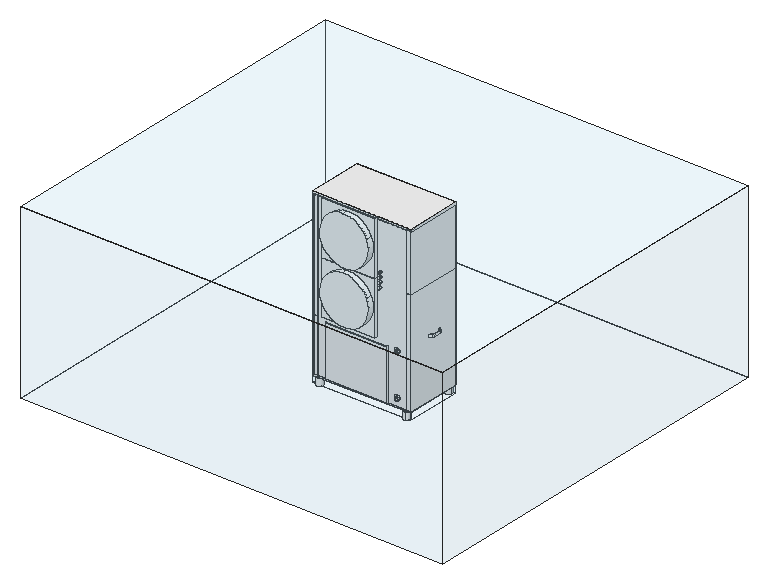
Revit family "VITOCAL 200-A PRO AWO-AC 201 A032", category Mechanical Equipment, Revit 2021
Family settings
  Round Connector Dimension = Use Diameter
  Part Type = Normal
  OmniClass Number = 23.75.10.21.17
  OmniClass Title = Water-Source Heat Pumps
  Work Plane-Based = No
  Always vertical = Yes
  Cut with Voids When Loaded = No
  Shared = No
  Room Calculation Point = No
Parameters (values of type "Vitocal 200-A Pro AWO-AC 201.A032")
  Wysokość całkowita = 2115.00 mm
  Woda grzewcza. Znamionowy przepływ objętościowy = "4840 l/h"
  Zastosowanie średniotemperaturowe (W55). Znamionowa moc grzewcza Prated (kW) = 27
  Zastosowanie średniotemperaturowe (W55). Sezonowy stopień efektywności (SCOP) = 3.17
  Zastosowanie średniotemperaturowe (W55). Efektywność energetyczna ηS = 124
  Zastosowanie niskotemperaturowe (W35). Znamionowa moc grzewcza Prated (kW) = 25
  Wentylator. Zabezpieczenie wewnętrzne = "B10A"
  Zastosowanie niskotemperaturowe (W35). Sezonowy stopień efektywności (SCOP) = 4.24
  Stopień ochrony = "IPX4"
  Przyłącza. Zasilanie oraz powrót wody grzewczej (gwint zewnętrzny) = "G 1½"
  Pozyskiwanie ciepła. Znamionowy przepływ objętościowy powietrza = "6700 m3/h"
  Pozyskiwanie ciepła. Min. Temperatura powietrza na wlocie = "–20 °C"
  Pozyskiwanie ciepła. Maks. moc elektryczna wentylatora = "2 x 500 W"
  Pozyskiwanie ciepła. Maks. Temperatura powietrza na wlocie = "35 °C"
  Pozyskiwanie ciepła. Ilość wody kondensacyjnej przy wilgotności 87% = "15"
  Woda grzewcza. Pojemność = "6.5 l"
  Woda grzewcza. Opory przepływu znamionowego przepływu objętościowego = "14.1 kPa"
  Woda grzewcza. Opory przepływu minimalnego przepływu objętościowego = "2.6 kPa"
  Poziom mocy akustycznej = "69.7 dB(A)"
  Obieg chłodniczy. Sprężarka = "Scroll"
  Obieg chłodniczy. Olej w sprężarce = "Idemitsu FV68S"
  Obieg chłodniczy. Ilość oleju w sprężarce = "2.8"
  Obieg chłodniczy. Ilość czynnika chłodniczego = 14.00 kg
  Obieg chłodniczy. Ekwiwalent CO2 = "24.8 t"
  Obieg chłodniczy. Czynnik roboczy = "R407C"
  Obieg chłodniczy. Armatura zabezpieczająca = "A1"
  Obieg chłodniczy. Potencjał tworzenia efektu cieplarnianego (GWP) = "1774"
  Wentylator. Napięcie znamionowe = "1/N/PE 230 V/50 Hz"
  Moc elektryczna na podgrzew miski olejowej = 90 W
  Woda grzewcza. Minimalny przepływ objętościowy (1 sprężarka uruchomiona) = "1100 l/h"
  Woda grzewcza. Min. temperatura na powrocie = "20 °C"
  Woda grzewcza. Maks. temperatura na zasilaniu = "65 °C"
  Sprężarka. Maks. przekrój elektrycznych przewodów przyłączeniowych = "16 mm2"
  Znamionowa wydajność chłodzenia = 35.0 kW
  Znamionowa moc grzewcza = 28.1 kW
  Sprężarka. Zabezp. przyłącza elektrycznego = "3 x C32A Kombi"
  Viessmann Kolor 1 = Viessmann Kolor 1
  URL = "https://www.viessmann.pl/"
  Szerokość całkowita = 1260.00 mm
  Strefa serwisowa [instance] = yes
  Stopień efektywności ε (COP) = 3.9
  Sprężarka. Prąd rozruchowy sprężarki = "96.0 A"
  Pobór mocy elektrycznej = 7.2 kW
  Sprężarka. Napięcie znamionowe = "3/N/PE 400 V/50 Hz"
  Masa całkowita (urządzenie podstawowe bez opcjonalnej obudowy) = 460.00 kg
  Manufacturer = "Viessmann Sp. z o.o."
  Sprężarka. Maks. prąd roboczy = 26.7 A
  Sprężarka. Maks. pobór mocy elektrycznej sprężarki (A2/W35, włącznie z wentylatorem) = 7.3 kW
  Wentylator. Maks. pobór mocy elektrycznej na 1 wentylator = 500 W
  Zastosowanie niskotemperaturowe (W35). Efektywność energetyczna ηS (%) = 167
  Informacja = "Pomiar całkowitego poziomu mocy akustycznej w oparciu o normę EN ISO 12102/EN ISO 9614."
  EER w trybie chłodzenia = 4.2
  Dop. ciśnienie robocze po stronie wtórnej = "6 bar"
  Description = "Pompa ciepła Vitocal 200-A PRO pozyskuje energię cieplną z powietrza zewnętrznego i wykorzystuje ją do ogrzewania\r\nwody w obiegu grzewczym lub obiegu ciepłej wody użytkowej. Dzięki nagrzewnicy powietrznej (parownik) energia cieplna,\r\npochodząca ze stale zasysanego przez wentylator powietrza zewnętrznego, jest oddawana do czynnika roboczego\r\n(czynnika chłodniczego). Czynnik chłodniczy ulega przy tym parowaniu. Za pomocą elektrycznie napędzanej sprężarki\r\nzwiększana jest temperatura czynnika chłodniczego w postaci gazowej.\r\nPo odparowaniu i zagęszczeniu energia cieplna z czynnika chłodniczego poprzez kondensację w wymienniku ciepła jest\r\nprzekazywana do zasobnika buforowego (nie należy do zakresu dostawy), a następnie do systemu grzewczego. W tzw.\r\nskraplaczu czynnik chłodniczy znów jest skraplany i może zostać ponownie doprowadzony do parownika przez zawór\r\nrozprężny.\r\nPrzy niskich temperaturach otoczenia wilgoć odkłada się w parowniku jako szron, co niekorzystnie wpływa\r\nna przekazywanie ciepła. W razie potrzeby parownik jest automatycznie rozmrażany przez pompę ciepła. W zależności\r\nod warunków pogodowych w wylocie powietrza może powstawać para. W zależności od warunków regionalnych konieczna\r\nmoże być optymalizacja podczas pracy.\r\nAby zapewnić izolację akustyczną, zasobnik buforowy musi być podłączony za pomocą elastycznych połączeń przewodów.\r\nZwiększa to jednocześnie żywotność pompy ciepła."
  Model = "Pompy ciepła powietrze/woda do ustawienia na zewnątrz z napędem elektrycznym do ogrzewania pomieszczeń i podgrzewu ciepłej wody użytkowej w instalacjach grzewczych: - Do 65°C temperatury na zasilaniu, - W zależności od typu z 1, 2 lub 4 sprężarkami, - Z regulatorem pompy ciepła sterowanym pogodowo i graficznym modułem obsługi do montażu na ścianie."
  Długość całkowita = 775.00 mm
  Default Elevation = 0.00 mm
  Sprężarka. Cos φ = 0.8
  Autor = "www.archispace.pl"
Reference planes
  plane 1 "Środek (Przód/Tył)": y = -30
  plane 2: z = 0
  plane 3 "Środek (Lewa/Prawa)": x = 0
  plane 4: y = 319.5
  plane 5: y = -379.5
  plane 6: x = -606
  plane 7: x = 606
  plane 8: y = -458.583
  plane 9: x = 654.477
  plane 10: z = 2114.5
  plane 11: z = 81
Forms (mm)
  Extrusion 1, solid, material "Viessmann Kolor 1" <- "Viessmann Kolor 1", detail levels coarse
    sketch origin (0, 0, 0) x (1, 0, 0) y (0, 1, 0)
      loop
        line (-606, 319.5) -> (-606, -458.583) -> (654.477, -458.583) -> (654.477, 319.5) -> (-606, 319.5)
    from 0 to 2114.5
  Extrusion 2, solid, material "Viessmann Kolor 1" <- "Viessmann Kolor 1", detail levels medium+fine
    sketch origin (0, 0, 0) x (0, 1, 0) y (0, 0, 1)
      loop
        line (-370.001, 102) -> (309.999, 102) -> (309.999, 2088.5) -> (-370.001, 2088.5) -> (-370.001, 102)
    from -591.755 to 598.245
  Extrusion 3, solid, material "Viessmann Kolor 1" <- "Viessmann Kolor 1", detail levels medium+fine
    sketch origin (0, 0, 0) x (0, 1, 0) y (0, 0, 1)
      loop
        line (-370.001, 2088.5) -> (309.999, 2088.5) -> (309.999, 2114.5) -> (-370.001, 2114.5) -> (-370.001, 2088.5)
    from -606 to 606
  Extrusion 4, solid, material "Viessmann Kolor 1" <- "Viessmann Kolor 1", detail levels medium+fine
    sketch origin (0, 0, 0) x (1, 0, 0) y (0, 1, 0)
      loop
        line (-599.665, 314.001) -> (-599.665, -374.001) -> (-548.499, -374.001) -> (-548.499, -372.001) -> (-597.665, -372.001) -> (-597.665, 312.001) -> (-548.499, 312.001) -> (-548.499, 314.001) -> (-599.665, 314.001)
    from 102 to 752
  Extrusion 5, solid, material "Viessmann Kolor 1" <- "Viessmann Kolor 1", detail levels medium+fine
    sketch origin (0, 0, 0) x (1, 0, 0) y (0, 1, 0)
      loop
        line (-599.665, 314.001) -> (-599.665, -374.001) -> (-548.499, -374.001) -> (-548.499, -372.001) -> (-597.665, -372.001) -> (-597.665, 312.001) -> (-548.499, 312.001) -> (-548.499, 314.001) -> (-599.665, 314.001)
    from 755 to 2088.5
  Extrusion 6, solid, material "Viessmann Kolor 1" <- "Viessmann Kolor 1", detail levels medium+fine
    sketch origin (0, 0, 0) x (1, 0, 0) y (0, 1, 0)
      loop
        line (605.495, 314.001) -> (554.329, 314.001) -> (554.329, 312.001) -> (603.495, 312.001) -> (603.495, -372.001) -> (554.329, -372.001) -> (554.329, -374.001) -> (605.495, -374.001) -> (605.495, 314.001)
    from 1393 to 2088.5
  Extrusion 7, solid, material "Viessmann Kolor 1" <- "Viessmann Kolor 1", detail levels medium+fine
    sketch origin (0, 0, 0) x (1, 0, 0) y (0, 1, 0)
      loop
        line (605.495, 314.001) -> (554.329, 314.001) -> (554.329, 312.001) -> (603.495, 312.001) -> (603.495, -372.001) -> (554.329, -372.001) -> (554.329, -374.001) -> (605.495, -374.001) -> (605.495, 314.001)
    from 102 to 1390
  Extrusion 8, solid, material "Viessmann Kolor 1" <- "Viessmann Kolor 1", detail levels medium+fine
    sketch origin (-557.926, -1377, 1200) x (-1, 0, 0) y (0, 0, 1)
      loop
        line (-77.758, 230.5) -> (-733.757, 230.5) -> (-733.757, -425.5) -> (-77.758, -425.5) -> (-77.758, 230.5)
    from 986.688 to 1005
  Extrusion 9, solid, material "Viessmann Kolor 1" <- "Viessmann Kolor 1", detail levels medium+fine
    sketch origin (-557.926, -1377, 1200) x (-1, 0, 0) y (0, 0, 1)
      loop
        line (-77.758, 887.5) -> (-733.757, 887.5) -> (-733.757, 231.5) -> (-77.758, 231.5) -> (-77.758, 887.5)
    from 986.688 to 1005
  Extrusion 10, solid, material "Viessmann Kolor 1" <- "Viessmann Kolor 1", detail levels medium+fine
    sketch origin (-557.926, -1377, 1200) x (-1, 0, 0) y (0, 0, 1)
      loop
        arc (-106.308, 565.049) -> (-191.232, 768.565) -> (-392.42, 858.865) r 299.669
        arc (-392.42, 858.865) -> (-567.284, 812.018) -> (-683.263, 673.017) r 299.669
        arc (-683.263, 673.017) -> (-687.801, 457.774) -> (-546.852, 295.035) r 299.669
        arc (-546.852, 295.035) -> (-249.329, 304.002) -> (-106.308, 565.049) r 299.669
      loop
        arc (-106.308, -91.951) -> (-191.232, 111.565) -> (-392.42, 201.865) r 299.669
        arc (-392.42, 201.865) -> (-567.284, 155.018) -> (-683.263, 16.017) r 299.669
        arc (-683.263, 16.017) -> (-687.801, -199.226) -> (-546.852, -361.965) r 299.669
        arc (-546.852, -361.965) -> (-249.329, -352.998) -> (-106.308, -91.951) r 299.669
    from 918.417 to 986.688
  Extrusion 11, solid, material "Viessmann Kolor 1" <- "Viessmann Kolor 1", detail levels medium+fine
    sketch origin (0, 0, 0) x (0, 1, 0) y (0, 0, 1)
      loop
        line (-370.001, 81) -> (309.999, 81) -> (309.999, 102) -> (-370.001, 102) -> (-370.001, 81)
    from -591.755 to 598.245
  Extrusion 12, solid, material "Viessmann Kolor 1" <- "Viessmann Kolor 1", detail levels medium+fine
    sketch origin (-557.926, -1377, 1200) x (-1, 0, 0) y (0, 0, 1)
      loop
        line (-114.511, -478) -> (-871.009, -478) -> (-871.009, -1098) -> (-114.511, -1098) -> (-114.511, -478)
    from 1001 to 1005
  Extrusion 13, solid, material "Viessmann Kolor 1" <- "Viessmann Kolor 1", detail levels medium+fine
    sketch origin (0, 0, 0) x (1, 0, 0) y (0, 1, 0)
      loop
        arc (-565.809, 314.532) -> (-538.213, 254.797) -> (-495.777, 305.085) r 39
        arc (-495.777, 305.085) -> (-509.901, 324.871) -> (-533, 332.447) r 39
        arc (-533, 332.447) -> (-551.691, 327.677) -> (-565.809, 314.532) r 39
      loop
        arc (-553.126, -389.959) -> (-495.425, -366.997) -> (-533, -317.553) r 39
        arc (-533, -317.553) -> (-570.575, -346.108) -> (-553.126, -389.959) r 39
      loop
        arc (556.17, -390.516) -> (574.72, -346.642) -> (537, -317.553) r 39
        arc (537, -317.553) -> (499.28, -366.463) -> (556.17, -390.516) r 39
      loop
        circle (537, 293.447) r 39
    from 0 to 81
  Extrusion 14, void
    sketch origin (-557.926, -1377, 1200) x (-1, 0, 0) y (0, 0, 1)
      loop
        circle (-993.421, -1006) r 40
      loop
        circle (-993.421, -487) r 40
    from 1006.999 to 1126.999
  Extrusion 15, solid, material "Viessmann Kolor 1" <- "Viessmann Kolor 1", detail levels medium+fine
    sketch origin (-557.926, -1377, 1200) x (-1, 0, 0) y (0, 0, 1)
      loop
        circle (-993.421, -487) r 19
      loop
        circle (-993.421, -1006) r 19
      loop
        circle (-993.421, -487) r 16
      loop
        circle (-993.421, -1006) r 16
    from 985.999 to 1126.999
  Sweep 16, solid, material "Viessmann Kolor 1" <- "Viessmann Kolor 1", detail levels medium+fine
    path origin (0, 0, 0) x (0, 1, 0) y (0, 0, 1)
      loop
        line (-30, 817.5) -> (-30, 843.5)
    profile origin (0, -30, 830.5) x (0, -1, 0) y (1, 0, 0)
      loop
        line (83.5, 606) -> (83.5, 615.477) -> (64.185, 643.622)
        arc (64.185, 643.622) -> (55.22, 651.597) -> (43.572, 654.477) r 25
        line (43.572, 654.477) -> (-46.572, 654.477)
        arc (-46.572, 654.477) -> (-58.22, 651.597) -> (-67.185, 643.622) r 25
        line (-67.185, 643.622) -> (-86.5, 615.477) -> (-86.5, 606) -> (-61.5, 606) -> (-61.5, 620.477)
        arc (-61.5, 620.477) -> (-54.178, 638.154) -> (-36.5, 645.477) r 25
        line (-36.5, 645.477) -> (32.368, 645.477)
        arc (32.368, 645.477) -> (50.046, 638.154) -> (57.368, 620.477) r 25
        line (57.368, 620.477) -> (57.368, 606) -> (83.5, 606)
  Extrusion 17, solid, material "Viessmann Kolor 1" <- "Viessmann Kolor 1", detail levels medium+fine
    sketch origin (-557.926, -1377, 1200) x (-1, 0, 0) y (0, 0, 1)
      loop
        circle (-784.418, 311) r 12.089
      loop
        circle (-784.418, 255) r 12.089
      loop
        circle (-784.418, 199) r 12.089
      loop
        circle (-784.418, 141.711) r 12.089
    from 982.006 to 1005
  Extrusion 18, void
    sketch origin (0, -30, 0) x (1, 0, 0) y (0, 0, 1)
      loop
        line (312.833, 722) -> (-443.665, 722) -> (-443.665, 102) -> (-442.666, 102) -> (-442.666, 721) -> (311.836, 721) -> (311.836, 102) -> (312.833, 102) -> (312.833, 722)
    from -349.5 to -309.591
  Extrusion 19, solid, material "Viessmann Strefy Serwisowe", visible <- "Strefa serwisowa"
    sketch origin (4373.089, 163.011, 0) x (1, 0, 0) y (0, 1, 0)
      loop
        line (-1767.089, -2542.511) -> (-1767.089, 2156.489) -> (-6979.089, 2156.489) -> (-6979.089, -2542.511) -> (-1767.089, -2542.511)
      loop
        line (-4979.089, -542.511) -> (-3767.089, -542.511) -> (-3767.089, 156.489) -> (-4979.089, 156.489) -> (-4979.089, -542.511)
    from 0 to 2114.5
  Extrusion 20, void
    sketch origin (0, 0, 0) x (1, 0, 0) y (0, 1, 0)
      loop
        line (377.665, -103) -> (557.665, -103) -> (557.665, -45) -> (377.665, -45) -> (377.665, -103)
    from 81 to 102
Cuts and joins
  Extrusion 14, Extrusion 18 cuts Extrusion 2
  Extrusion 20 cuts Extrusion 11
Lines and regions (mm)
  model lines
    curve 1: line (294.496, 309.999, 828) -> (294.496, 309.999, 2077)
    curve 2: line (294.496, 309.999, 2077) -> (-548.499, 309.999, 2077)
    curve 3: line (-548.499, 309.999, 828) -> (-548.499, 309.999, 2077)
    curve 4: line (-548.499, 309.999, 828) -> (294.496, 309.999, 828)
Dimensions and locks
  plane 6 to plane 3 "Środek (Lewa/Prawa)" to plane 7 = 606.00 mm, 606.00 mm
  plane 4 to plane 1 "Środek (Przód/Tył)" to plane 5 = 349.50 mm, 349.50 mm
  aligned and locked: level to plane 2
  aligned and locked: Extrusion 1 sketch curve to plane 6
  aligned and locked: Extrusion 1 sketch curve to plane 4
  aligned and locked: plane 9 to Extrusion 1 sketch curve
  aligned and locked: plane 8 to Extrusion 1 sketch curve
  aligned and locked: Extrusion 1 to plane 10
Connectors
  piping at (435.495, -391.001, 713), diameter 38
    settings: on Extrusion 15, index 7, connector inside diameter 609.6 mm, connector length 0.00 mm, flow factor 0, pipe flow 0.0 m³/h, pressure drop 0.0 kPa, fitting loss kfactor 0, connector angle 0.00°, fixture units 0, engagement length 0.00 mm, angle of deflection 0.00°, flow configuration 0, flow direction 0, fitting loss method 0, system type 7, joint type 0, gender type 0, connector reference index -1, connector utility 0, adjustable connector no, is connector primary yes, connector description ""
  piping at (435.495, -391.001, 194), diameter 38
    settings: on Extrusion 15, index 8, connector inside diameter 609.6 mm, connector length 0.00 mm, flow factor 0, pipe flow 0.0 m³/h, pressure drop 0.0 kPa, fitting loss kfactor 0, connector angle 0.00°, fixture units 0, engagement length 0.00 mm, angle of deflection 0.00°, flow configuration 0, flow direction 0, fitting loss method 0, system type 8, joint type 0, gender type 0, connector reference index -1, connector utility 0, adjustable connector no, is connector primary no, connector description ""
  electrical at (467.665, -74, 81), driven by "Pobór mocy elektrycznej"
    settings: on cut or joined group of Extrusion 11, Extrusion 20, index 9, voltage 0 V, apparent load 7200 W, apparent load phase1 0 W, apparent load phase2 0 W, apparent load phase3 0 W, power factor 1, load classification "Power", number of poles 1, system type 30, power factor state 1, is connector primary yes, connector utility no, sub classification motor no, connector description ""
